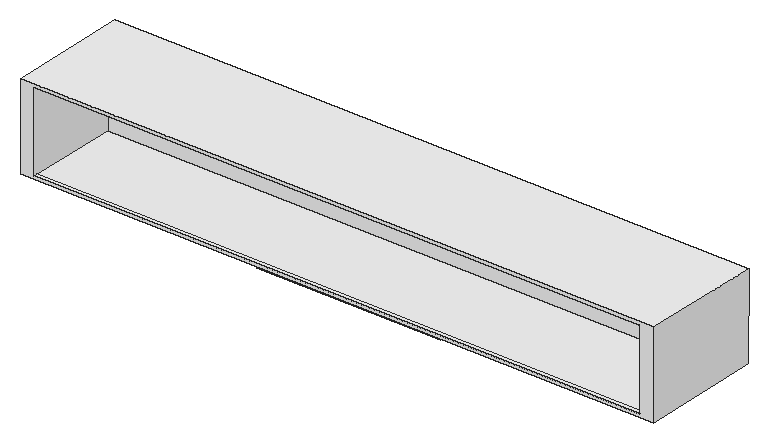
Revit family "MOD 3-W-D", category Lighting Fixtures, host Face, Revit 2021
Family settings
  Host = Face
  Round Connector Dimension = Use Diameter
  Part Type = Normal
  OmniClass Number = 23.80.70.11.14.17
  OmniClass Title = Direct/Indirect
  Cut with Voids When Loaded = No
  Light Source = Yes
  Shared = Yes
  Room Calculation Point = No
Parameters (values of type "MOD3-W-D-02")
  zz YesNo 2 = no
  zz YesNo 1 = yes
  Wattage = 4 W
  Warranty = "5-Years Warranty"  # constant formula
  built-in parameter 1150110 = 1 (stored number, unit not read)
  Voltage = 120 V
  Type Comments = "Lighting Fixture"  # constant formula
  built-in parameter 1114217 = 1 (stored number, unit not read)
  Tilt Angle = -90.00°
  built-in parameter 1150109 = 1 (stored number, unit not read)
  built-in parameter 1150134 = (empty or 0)
  built-in parameter 1150113 = 1 (stored number, unit not read)
  Product Page URL = ""
  Product Documentation Link = ""
  Power Factor = 1
  Photometric Web File = "generic.ies"
  Photometric Notes = "More IES files download on Photometric Link"  # constant formula
  zz Length 1 = 2' - 0"
  Wattage Comments = "Variable Intensity technology provides specifiable lumen output/wattage"  # constant formula
  URL = "https://www.currentlighting.com/litecontrol"
  Mounting = "Wall-Mount"  # constant formula
  Model = "MOD 3 LED Wall Directt"  # constant formula
  Manufacturer = "Litecontrol"  # constant formula
  built-in parameter 1150105 = 39.789 (stored number, unit not read)
  Lumens = 500 lm
  built-in parameter 1150115 = 1 (stored number, unit not read)
  Load Classification = Lighting
  built-in parameter 1150137 = (empty or 0)
  built-in parameter 1150139 = (empty or 0)
  built-in parameter 1150112 = 1 (stored number, unit not read)
  built-in parameter 1150114 = 1 (stored number, unit not read)
  Lamp = "LED"  # constant formula
  built-in parameter 1150132 = (empty or 0)
  built-in parameter 1150102 = (empty or 0)
  built-in parameter 1150107 = 3500 (stored number, unit not read)
  built-in parameter 1150138 = (empty or 0)
  built-in parameter 1150106 = 0.39789 (stored number, unit not read)
  Glass = Glass -  White
  Fixture Distribution = "Direct"  # constant formula
  Emit from Rectangle Width = zz Length 1 - 0' 2"  # 1' - 10"
  Emit from Rectangle Length = 0' - 3"  # constant formula
  Emit Shape Visible in Rendering = no
  built-in parameter 1150104 = 11.613 (stored number, unit not read)
  Downlight Diffuser = "Blade Baffle/Soft Glow Lens/Regressed Diffuse Lens/Asymmetric Diffuser Lens"  # constant formula
  Dimming Lamp Color Temperature Shift = <None>
  Description = "The MODx family is an affordably-priced, full-featured offering with best-in-class attention to detail"  # constant formula
  Default Elevation = 4' - 0"
  Copyright = "Copyright © Litecontrol"  # constant formula
  Contact Us = ""
  Color Filter = 16777215
  built-in parameter 1114218 = 1 (stored number, unit not read)
  Housing Material = Paint -  Matte White
  built-in parameter 1150133 = 10 (stored number, unit not read)
  Assembly Code = "D5020200"
  Apparent Load = 0 VA
Types (7): name | zz YesNo 2 | zz YesNo 1 | zz Length 1 | Emit from Rectangle Width
  (no name) | no | yes | 2' - 0" | 1' - 10"
  MOD3-W-D-04 | yes | no | 4' - 0" | 3' - 10"
  MOD3-W-D-02 | no | yes | 2' - 0" | 1' - 10"
  MOD3-W-D-03 | yes | no | 3' - 0" | 2' - 10"
  MOD3-W-D-05 | yes | no | 5' - 0" | 4' - 10"
  MOD3-W-D-06 | yes | no | 6' - 0" | 5' - 10"
  MOD3-W-D-08 | yes | no | 8' - 0" | 7' - 10"
Reference planes (in)
  plane 1 "Center (Front/Back)": y = 13.01342
  plane 2: z = 0
  plane 3 "Center (Left/Right)": x = 0
Dimensions and locks (in)
  aligned and locked: plane 2 to host face
  aligned and locked: level to host face
  aligned and locked: plane 3 "Center (Left/Right)" to nested 1
  aligned and locked: nested 1 to plane 2
Nested families (in)
  nested 1: "3L-W" at (-0.01104, 15.26342, 2.02251) x (1, 0, 0) z (0, -1, 0), Glass <- "Glass", Backbox <- "Housing Material", Length <- "zz Length 1", type "3L-W"
    with Length 2' - 0", Glass Glass -  White, Backbox Paint -  Matte White, zz YesNo 2 no, zz YesNo 1 yes
Connectors (in)
  electrical at (0, 13.01342, 0.4375), driven by "Load Classification", driven by "Voltage", driven by "Apparent Load", driven by "Power Factor"
    settings: on nested 1, index 1, voltage 120 V, apparent load 0 VA, apparent load phase1 0 VA, apparent load phase2 0 VA, apparent load phase3 0 VA, power factor 1, load classification "Lighting", number of poles 1, system type 30, power factor state 1, is connector primary yes, connector utility no, sub classification motor no, connector description "Electrical Connector"
Definition of nested family "3L-W"
  Parameters
    zz YesNo 2 = yes
    zz YesNo 1 = no
    Wattage Comments = ""
    URL = ""
    Model = ""
    Manufacturer = ""
    Length [instance] = 6' - 0"
    Lamp = ""
    Glass [instance] = none
    Description = ""
    Default Elevation = 4' - 0"
    Backbox [instance] = none
  Reference planes (in)
    plane 1 "Center (Front/Back)": y = 0.03999
    plane 2: z = 0
    plane 3 "Center (Left/Right)": x = 0.01104
    plane 4: z = 4.5
    plane 5: z = 1
    plane 6: x = -35.98896
    plane 7: x = 36.01104
    plane 8: x = -35.48896
    plane 9: x = 35.51104
    plane 10: y = 1.53999
    plane 11: y = -1.46001
    plane 12: y = -1.58501
    plane 13: y = 1.66499
    plane 14: z = 0.5625
    plane 15: y = -2.02251
    plane 16: z = 4.375
    plane 17: x = -27.98896
    plane 18: x = -31.48896
    plane 19: x = -24.48896
    plane 20: x = 28.01104
    plane 21: x = 31.51104
    plane 22: x = 24.51104
    plane 23: x = -3.48896
    plane 24: x = 3.51104
    plane 25: z = 3.9375
  Forms (in)
    Extrusion 1, solid
      sketch origin (0, 0, 0.06357) x (1, 0, 0) y (0, 1, 0)
        loop
          line (-48, 48) -> (-48, -48) -> (48, -48) -> (48, 48) -> (-48, 48)
      from -0.06357 to -12.81105
    Extrusion 2, void
      sketch origin (-23.78896, 8.13374, 2) x (0, -1, 0) y (1, 0, 0)
        loop
          line (6.59375, -11.7) -> (9.59375, -11.7) -> (9.59375, 59.3) -> (6.59375, 59.3) -> (6.59375, -11.7)
      from 2.5 to -1
    Extrusion 3, solid, material <- "Backbox"
      sketch origin (0.01104, 0, 0) x (0, 1, 0) y (0, 0, 1)
        loop
          line (1.66499, 4.5) -> (-1.58501, 4.5) -> (-1.58501, 0) -> (1.66499, 0) -> (1.66499, 4.5)
      from -36 to 36
    Extrusion 4, solid, material <- "Glass"
      sketch origin (0, 0, 4.3125) x (0, -1, 0) y (1, 0, 0)
        loop
          line (-1.53999, -35.48896) -> (1.46001, -35.48896) -> (1.46001, 35.51104) -> (-1.53999, 35.51104) -> (-1.53999, -35.48896)
      from 0.0625 to 0.1875
    Extrusion 5, solid, material <- "Backbox", visible <- "zz YesNo 2"
      sketch origin (0.01104, 0, 0) x (0, 1, 0) y (0, 0, 1)
        loop
          line (-1.58501, 3.9375) -> (-2.02251, 3.9375) -> (-2.02251, 0.5625) -> (-1.58501, 0.5625) -> (-1.58501, 3.9375)
      from 24.5 to 31.5
    Extrusion 6, solid, material <- "Backbox", visible <- "zz YesNo 2"
      sketch origin (0.01104, 0, 0) x (0, 1, 0) y (0, 0, -1)
        loop
          line (-1.58501, -3.9375) -> (-1.58501, -0.5625) -> (-2.02251, -0.5625) -> (-2.02251, -3.9375) -> (-1.58501, -3.9375)
      from 24.5 to 31.5
    Extrusion 7, solid, material <- "Backbox", visible <- "zz YesNo 1"
      sketch origin (18.01104, 0, 0) x (0, 1, 0) y (0, 0, -1)
        loop
          line (-1.58501, -3.9375) -> (-1.58501, -0.5625) -> (-2.02251, -0.5625) -> (-2.02251, -3.9375) -> (-1.58501, -3.9375)
      from 14.5 to 21.5
  Cuts and joins
    Extrusion 2 cuts Extrusion 3
  Dimensions and locks (in)
    "Length": plane 7 to plane 6
    locked: plane 8 to plane 6 at 0.5
    locked: plane 7 to plane 9 at 0.5
    equal spacing: plane 7, plane 3 "Center (Left/Right)", plane 6
    plane 4 to plane 2 = 0' - 4 1/2"
    plane 14 to plane 2 = 0' - 0 9/16"
    locked: plane 5 to plane 2 at 1
    locked: plane 4 to plane 16 at 0.125
    locked: plane 17 to plane 6 at 8
    plane 19 to plane 17 to plane 18 = 0' - 3 1/2" locked, 0' - 3 1/2" locked
    plane 21 to plane 20 to plane 22 = 0' - 3 1/2" locked, 0' - 3 1/2" locked
    plane 24 to plane 3 "Center (Left/Right)" to plane 23 = 0' - 3 1/2" locked, 0' - 3 1/2" locked
    locked: plane 20 to plane 7 at 8
    equal spacing: plane 10, plane 1 "Center (Front/Back)", plane 11, locked at 1.5 each
    locked: plane 13 to plane 10 at 0.125
    locked: plane 11 to plane 12 at 0.125
    locked: plane 13 to plane 15 at 3.6875
    aligned and locked: plane 2 to Extrusion 1
    aligned and locked: plane 10 to Extrusion 2 sketch curve
    aligned and locked: plane 11 to Extrusion 2 sketch curve
    aligned and locked: plane 4 to Extrusion 3 sketch curve
    aligned and locked: plane 13 to Extrusion 3 sketch curve
    aligned and locked: Extrusion 3 sketch curve to level
    aligned and locked: plane 12 to Extrusion 3 sketch curve
    aligned and locked: Extrusion 3 to plane 6
    aligned and locked: plane 7 to Extrusion 3
    aligned and locked: plane 9 to Extrusion 2
    aligned and locked: Extrusion 2 to plane 8
    aligned and locked: Extrusion 5 sketch curve to plane 14
    aligned and locked: Extrusion 5 to plane 14
    aligned and locked: Extrusion 5 to plane 21
    aligned and locked: Extrusion 5 to plane 22
    aligned and locked: Extrusion 6 to plane 18
    aligned and locked: Extrusion 6 to plane 19
    aligned and locked: Extrusion 7 to plane 23
    aligned and locked: Extrusion 7 to plane 24
    aligned and locked: plane 4 to Extrusion 4
    aligned and locked: plane 4 to Extrusion 2
    aligned and locked: Extrusion 2 to plane 5
    aligned and locked: plane 25 to Extrusion 6
    aligned and locked: plane 25 to Extrusion 7
    aligned and locked: plane 25 to Extrusion 5
    aligned and locked: Extrusion 4 to plane 16
    aligned and locked: Extrusion 5 to plane 12
    aligned and locked: plane 15 to Extrusion 5
  Automatic sketch dimensions
    Extrusion 1 sketch curve to Extrusion 1 sketch curve = 8' - 0"  (x2)
    Extrusion 2 sketch curve to plane 8 = 0' - 0"
    Extrusion 2 sketch curve to plane 9 = 0' - 0"
    Extrusion 4 sketch curve to plane 9 = 0' - 0"
    plane 10 to Extrusion 4 sketch curve = 0' - 0"
    Extrusion 4 sketch curve to plane 8 = 0' - 0"
    Extrusion 4 sketch curve to plane 11 = 0' - 0"
    plane 15 to Extrusion 5 sketch curve = 0' - 0"
    plane 12 to Extrusion 5 sketch curve = 0' - 0"
    Extrusion 5 sketch curve to plane 16 = 0' - 0 7/16"
    Extrusion 6 sketch curve to plane 15 = 0' - 0"
    Extrusion 6 sketch curve to plane 12 = 0' - 0"
    Extrusion 6 sketch curve to plane 16 = 0' - 0 7/16"
    Extrusion 6 sketch curve to plane 14 = 0' - 0"
    Extrusion 7 sketch curve to plane 15 = 0' - 0"
    Extrusion 7 sketch curve to plane 12 = 0' - 0"
    Extrusion 7 sketch curve to plane 16 = 0' - 0 7/16"
    Extrusion 7 sketch curve to plane 14 = 0' - 0"
